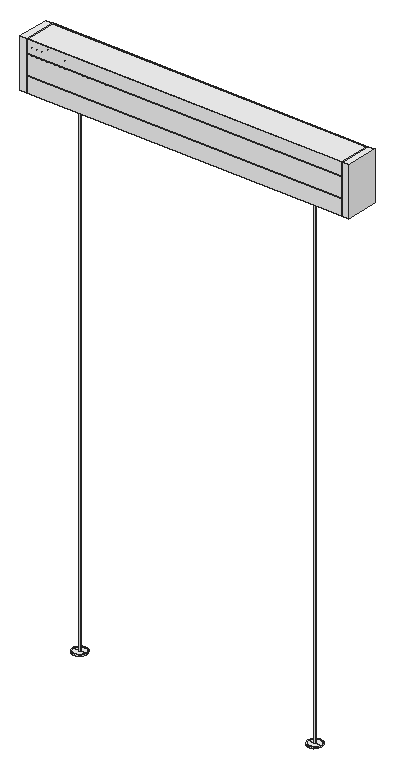
Revit family "2.3 inch  MAGIC WALL WASH LINEAR LIGHT", category Lighting Fixtures, host Face, Revit 2020 (continued)
Types (17): name | Wattage Comments | Wattage | Wall Mount | Suspenders Distance | Surface Mount | Recessed Mount | Photometric Web File | Pendent Mount | Order number | built-in parameter 1150142 | Model | built-in parameter 1150105 | Lumens | Light Source Height | Light Source Distance | built-in parameter 1150106 | Fixture Length
    01.76  1905.95  1910.07  1913.86  1917.65  1921.44  1924.06  1926.62  1929.13  1932.27  \r\n 1935.56  1938.86  1941.55  1943.89  1946.19  1948.63  1951.24  1953.85  1956.12  1955.43  \r\n 1952.22  1949.05  1947.24  1945.34  1943.36  1940.06  1936.41  1932.78  1929.08  1925.28  \r\n 1921.41  1917.40  1913.05  1908.66  1904.23  1899.83  1895.44  1891.05  1886.32  1881.26  \r\n 1876.18  1871.07  1865.95  1860.82  1855.66  1849.89  1843.82  1837.69  1831.48  1825.26  \r\n 1819.05  1812.86  1806.32  1799.61  1792.84  1779.56  1765.00  1749.91  1734.28  1718.11  \r\n 1701.39  1684.09  1666.20  1647.87  1629.03  1609.67  1589.77  1568.31  1546.42  1524.09  \r\n 1501.31  1477.99  1454.22  1430.00  1405.25  1379.68  1353.79  1327.57  1301.00  1273.78  \r\n 1246.35  1218.71  1190.85  1162.74  1134.51  1106.17  1081.65  1057.88  1034.47  1011.27  \r\n 988.28   965.51   942.70   920.11   897.75   875.61   853.75   832.35   811.17   790.21   \r\n 769.47   748.94   728.63   708.56   688.73   669.13   649.77   630.54   611.47   592.60   \r\n 573.91   555.41   537.09   521.70   507.49   493.34   479.25   465.23   451.27   437.38   \r\n 423.58   409.84   396.16   382.52   368.94   355.41   341.92   328.47   315.02   301.63   \r\n 288.28   274.98   261.72   248.51   235.33   222.20   209.10   197.07   189.18   181.31   \r\n 173.48   165.66   157.86   150.09   142.33   134.59   126.87   119.17   111.48   103.80   \r\n 96.14    88.48    80.84    73.21    65.58    57.96    50.34    42.73    35.12    27.51    \r\n 19.90    19.25    18.61    17.96    17.31    16.67    16.02    15.37    14.72    14.08    \r\n 13.43    12.78    12.14    11.49    10.85    10.21    9.57     8.93     8.30     7.66     \r\n 7.03     6.40     5.78     5.16     5.11     5.21     5.31     5.40     5.50     5.59     \r\n 5.68     5.78     5.87     5.96     6.04     6.13     6.22     6.30     6.39     6.47     \r\n 6.55     6.63     6.71     6.78     6.86     6.93     7.00     7.07     7.12     7.10     \r\n 7.07     7.05     7.03     7.01     6.98     6.96     6.93     6.91     6.88     6.85     \r\n 6.82     6.79     6.76     6.73     6.70     6.66     6.63     6.59     6.56     6.52     \r\n 6.49     6.46     6.43     6.40     6.37     6.34     6.24     6.14     6.05     5.96     \r\n 5.88     5.79     5.71     5.63     5.55     5.47     5.39     5.31     5.23     5.15     \r\n 5.08     4.99     4.90     4.82     4.73     4.65     4.58     4.50     4.43     4.36     \r\n 4.29     4.23     4.16     4.09     4.02     3.95     3.89     3.85     3.80     3.75     \r\n 3.70     3.65     3.61     3.57     3.54     3.50     3.47     3.45     3.43     3.41     \r\n 3.39     3.37     3.35     3.33     3.31     3.30     3.28     3.27     3.26     3.24     \r\n 3.23     3.23     3.22     3.21     3.21     3.21     3.20     3.20     3.21     3.21     \r\n 3.21     3.22     3.23     3.25     3.27     3.29     3.32     3.35     3.37     3.40     \r\n 3.42     3.45     3.47     3.50     3.52     3.55     3.57     3.59     3.62     3.64     \r\n 3.67     3.69     3.72     3.74     3.77     3.79     3.82     3.84     3.87     3.90     \r\n 3.93     3.96     3.98     4.00     4.02     4.06     4.09     4.13     4.17     4.22     \r\n 4.26     \r\n1793.11  1801.14  1809.14  1816.98  1824.16  1831.34  1838.32  1844.92  1851.52  1857.85  \r\n 1863.93  1870.01  1875.76  1881.37  1886.99  1892.46  1897.88  1903.29  1908.37  1913.44  \r\n 1918.41  1923.00  1927.58  1931.82  1935.20  1938.53  1942.13  1946.13  1950.16  1953.66  \r\n 1956.73  1959.78  1963.01  1966.33  1969.64  1971.86  1973.80  1975.71  1979.00  1982.51  \r\n 1986.06  1987.65  1987.04  1984.22  1981.52  1978.75  1975.86  1972.43  1968.96  1965.44  \r\n 1961.79  1958.15  1954.42  1950.20  1945.95  1941.68  1937.37  1933.05  1928.60  1923.52  \r\n 1918.37  1913.11  1907.36  1901.62  1895.91  1890.05  1884.14  1878.18  1871.43  1864.54  \r\n 1857.59  1850.52  1843.41  1836.27  1829.05  1821.76  1814.48  1806.51  1797.36  1783.12  \r\n 1764.16  1744.66  1724.65  1704.12  1681.79  1658.73  1635.29  1610.86  1585.31  1559.50  \r\n 1533.42  1505.99  1478.41  1450.69  1422.43  1393.75  1365.07  1336.39  1306.11  1275.92  \r\n 1245.96  1216.27  1186.96  1157.92  1129.15  1100.54  1072.04  1043.75  1015.68  987.97   \r\n 963.30   941.27   919.51   897.98   876.69   855.66   834.89   814.49   794.54   774.82   \r\n 755.33   736.06   717.19   698.50   679.99   661.65   643.44   625.27   607.27   589.45   \r\n 571.80   554.30   536.92   519.71   502.66   485.77   470.19   456.19   442.27   428.47   \r\n 414.77   401.19   387.71   374.30   360.99   347.79   334.69   321.69   308.78   295.98   \r\n 283.26   270.64   258.10   245.64   233.27   220.96   208.73   196.57   184.48   174.50   \r\n 167.01   159.54   152.11   144.70   137.32   129.97   122.64   115.33   108.04   100.77   \r\n 93.52    86.28    79.06    71.85    64.65    57.46    50.28    43.10    35.92    28.75    \r\n 21.58    20.81    20.05    19.29    18.52    17.76    16.99    16.23    15.46    14.70    \r\n 13.93    13.17    12.41    11.65    10.89    10.13    9.38     8.63     7.88     7.13     \r\n 6.39     5.65     5.37     5.49     5.60     5.71     5.82     5.93     6.04     6.15     \r\n 6.26     6.36     6.47     6.58     6.69     6.79     6.90     7.00     7.09     7.19     \r\n 7.28     7.37     7.46     7.55     7.63     7.67     7.66     7.65     7.64     7.62     \r\n 7.61     7.59     7.57     7.55     7.53     7.51     7.49     7.46     7.44     7.41     \r\n 7.38     7.36     7.33     7.30     7.27     7.23     7.20     7.16     7.12     7.09     \r\n 7.05     6.96     6.83     6.69     6.55     6.42     6.29     6.16     6.04     5.92     \r\n 5.80     5.68     5.57     5.46     5.36     5.26     5.16     5.07     4.98     4.90     \r\n 4.82     4.74     4.67     4.60     4.53     4.46     4.40     4.34     4.27     4.22     \r\n 4.16     4.08     4.00     3.93     3.87     3.81     3.76     3.71     3.66     3.62     \r\n 3.57     3.52     3.47     3.42     3.38     3.34     3.31     3.27     3.23     3.20     \r\n 3.17     3.15     3.13     3.11     3.10     3.09     3.08     3.07     3.06     3.05     \r\n 3.05     3.04     3.04     3.04     3.03     3.03     3.04     3.04     3.04     3.06     \r\n 3.08     3.11     3.13     3.16     3.18     3.20     3.23     3.25     3.28     3.31     \r\n 3.34     3.37     3.40     3.42     3.45     3.47     3.50     3.53     3.56     3.58     \r\n 3.61     3.64     3.67     3.70     3.72     3.75     3.77     3.80     3.83     3.86     \r\n 3.90     3.93     3.96     3.98     4.00     4.04     4.08     4.12     4.17     4.21     \r\n 4.26     \r\n1793.11  1802.18  1811.22  1819.90  1828.06  1836.21  1843.88  1851.41  1858.84  1865.80  \r\n 1872.75  1879.41  1885.84  1892.29  1898.58  1904.84  1910.98  1916.88  1922.76  1928.27  \r\n 1933.61  1938.88  1943.02  1947.11  1951.45  1956.15  1960.86  1964.85  1968.63  1972.42  \r\n 1976.41  1980.40  1983.68  1986.23  1988.76  1992.49  1996.50  2000.21  2002.36  2004.48  \r\n 2006.61  2008.81  2011.02  2012.74  2014.33  2015.86  2014.03  2011.15  2008.07  2004.70  \r\n 2001.30  1997.85  1994.37  1990.86  1986.80  1982.65  1978.22  1972.97  1967.75  1962.64  \r\n 1957.63  1952.56  1946.91  1940.93  1934.88  1928.46  1921.96  1915.43  1908.61  1901.79  \r\n 1894.68  1886.23  1877.71  1869.09  1860.35  1851.55  1841.93  1831.09  1820.09  1807.95  \r\n 1794.53  1780.92  1766.10  1750.03  1732.24  1704.50  1675.70  1646.89  1616.24  1583.61  \r\n 1551.23  1519.02  1486.96  1455.21  1423.81  1392.85  1362.14  1331.64  1300.97  1270.62  \r\n 1240.59  1210.71  1181.12  1151.88  1123.01  1094.59  1066.59  1039.03  1012.09  985.70   \r\n 959.85   934.54   909.64   885.14   861.03   838.89   818.91   799.14   779.63   760.47   \r\n 741.48   722.67   704.01   685.47   667.10   648.90   630.87   613.01   595.32   577.81   \r\n 560.47   543.40   526.49   509.73   493.12   476.62   460.23   443.99   427.89   411.93   \r\n 398.06   385.11   372.30   359.62   347.07   334.64   322.37   310.24   298.22   286.33   \r\n 274.54   262.87   251.31   239.91   228.61   217.42   206.34   195.34   184.44   173.63   \r\n 162.89   154.34   147.50   140.66   133.83   127.00   120.17   113.34   106.51   99.68    \r\n 92.85    86.03    79.20    72.37    65.54    58.71    51.88    45.05    38.21    31.37    \r\n 24.53    23.57    22.60    21.63    20.66    19.70    18.73    17.76    16.79    15.83    \r\n 14.86    13.91    12.95    12.00    11.06    10.12    9.19     8.26     7.35     6.44     \r\n 6.00     6.12     6.24     6.35     6.47     6.58     6.69     6.81     6.92     7.03     \r\n 7.13     7.24     7.34     7.45     7.55     7.65     7.74     7.82     7.90     7.98     \r\n 8.06     8.12     8.14     8.15     8.15     8.16     8.16     8.16     8.16     8.16     \r\n 8.16     8.15     8.15     8.13     8.12     8.11     8.09     8.07     8.04     8.02     \r\n 7.99     7.97     7.94     7.90     7.87     7.83     7.73     7.57     7.41     7.26     \r\n 7.10     6.95     6.79     6.64     6.50     6.36     6.23     6.09     5.96     5.82     \r\n 5.69     5.57     5.44     5.32     5.20     5.08     4.96     4.85     4.75     4.64     \r\n 4.54     4.45     4.35     4.27     4.19     4.11     4.04     3.98     3.93     3.89     \r\n 3.84     3.80     3.76     3.72     3.68     3.64     3.60     3.56     3.51     3.44     \r\n 3.39     3.34     3.29     3.24     3.20     3.16     3.12     3.08     3.03     3.00     \r\n 2.97     2.94     2.92     2.90     2.87     2.86     2.85     2.83     2.83     2.82     \r\n 2.82     2.82     2.83     2.83     2.84     2.85     2.88     2.90     2.93     2.96     \r\n 2.98     3.01     3.04     3.06     3.09     3.12     3.15     3.17     3.20     3.23     \r\n 3.26     3.29     3.32     3.35     3.39     3.41     3.44     3.47     3.50     3.53     \r\n 3.56     3.59     3.62     3.65     3.68     3.71     3.74     3.77     3.80     3.83     \r\n 3.86     3.90     3.94     3.97     3.99     4.02     4.06     4.11     4.16     4.21     \r\n 4.26     \r\n1793.11  1803.15  1813.16  1822.64  1831.70  1840.69  1849.09  1857.50  1865.48  1873.26  \r\n 1880.91  1888.10  1895.32  1902.41  1909.47  1916.39  1923.07  1929.73  1935.85  1941.90  \r\n 1947.45  1952.30  1957.10  1962.43  1967.79  1972.69  1977.15  1981.60  1986.24  1990.87  \r\n 1994.62  1997.76  2001.04  2005.47  2009.96  2013.32  2016.02  2018.68  2021.27  2023.90  \r\n 2026.20  2028.33  2030.37  2032.13  2033.87  2035.24  2036.43  2037.59  2038.66  2039.71  \r\n 2040.49  2037.68  2034.34  2029.62  2024.92  2020.58  2016.46  2012.28  2007.28  2002.21  \r\n 1996.77  1990.95  1985.10  1978.84  1972.53  1965.84  1958.16  1950.40  1942.48  1934.45  \r\n 1926.26  1916.62  1906.82  1895.98  1883.78  1871.38  1857.66  1843.31  1828.46  1811.39  \r\n 1793.96  1774.72  1752.63  1729.90  1706.23  1681.76  1656.66  1631.40  1605.60  1579.05  \r\n 1550.88  1519.42  1486.36  1453.32  1420.64  1388.04  1355.50  1323.42  1291.34  1259.44  \r\n 1228.13  1198.24  1169.34  1140.87  1113.20  1086.12  1059.40  1033.45  1008.14  983.12   \r\n 958.34   933.78   909.54   885.61   861.99   838.68   815.67   793.29   771.24   749.53   \r\n 728.02   708.43   689.83   671.39   653.02   634.85   616.89   599.12   581.55   564.20   \r\n 547.07   530.11   513.36   496.84   480.53   464.53   448.74   433.12   417.69   402.48   \r\n 387.53   372.81   358.31   344.02   331.66   320.43   309.39   298.54   287.87   277.44   \r\n 267.20   257.12   247.19   237.41   227.76   218.39   209.14   199.96   190.84   181.78   \r\n 172.77   163.82   154.91   146.89   139.85   132.80   125.76   118.73   111.70   104.67   \r\n 97.64    90.62    83.59    76.57    69.54    62.52    55.50    48.47    41.44    34.41    \r\n 27.38    26.14    24.91    23.67    22.43    21.19    19.96    18.72    17.49    16.27    \r\n 15.05    13.83    12.63    11.43    10.24    9.06     7.89     6.73     6.26     6.39     \r\n 6.53     6.66     6.80     6.93     7.06     7.19     7.33     7.46     7.59     7.72     \r\n 7.85     7.97     8.09     8.21     8.32     8.42     8.53     8.60     8.64     8.67     \r\n 8.71     8.74     8.76     8.79     8.81     8.82     8.84     8.85     8.86     8.87     \r\n 8.87     8.87     8.86     8.85     8.83     8.82     8.80     8.79     8.76     8.73     \r\n 8.65     8.46     8.28     8.10     7.92     7.74     7.56     7.39     7.22     7.05     \r\n 6.89     6.73     6.57     6.42     6.27     6.12     5.97     5.83     5.69     5.55     \r\n 5.41     5.27     5.13     5.00     4.88     4.76     4.65     4.53     4.42     4.31     \r\n 4.22     4.14     4.06     3.99     3.91     3.84     3.77     3.70     3.64     3.58     \r\n 3.52     3.48     3.43     3.39     3.36     3.33     3.29     3.26     3.23     3.19     \r\n 3.16     3.13     3.09     3.05     3.00     2.95     2.91     2.87     2.83     2.80     \r\n 2.76     2.73     2.69     2.66     2.64     2.63     2.61     2.60     2.60     2.59     \r\n 2.59     2.62     2.64     2.67     2.71     2.74     2.78     2.81     2.84     2.87     \r\n 2.90     2.93     2.95     2.98     3.01     3.04     3.07     3.10     3.13     3.16     \r\n 3.19     3.22     3.25     3.28     3.32     3.36     3.39     3.42     3.45     3.48     \r\n 3.51     3.55     3.58     3.61     3.64     3.68     3.71     3.74     3.77     3.80     \r\n 3.84     3.88     3.92     3.96     3.98     4.00     4.05     4.10     4.15     4.20     \r\n 4.26     \r\n1793.11  1804.04  1814.95  1825.16  1835.07  1844.71  1853.93  1863.09  1871.64  1880.19  \r\n 1888.25  1896.17  1904.04  1911.83  1919.57  1926.97  1934.37  1941.20  1947.92  1954.05  \r\n 1959.58  1965.16  1971.11  1977.08  1982.30  1987.40  1992.56  1997.79  2002.69  2006.40  \r\n 2010.08  2014.80  2019.70  2023.70  2026.95  2030.12  2033.10  2036.11  2038.80  2041.43  \r\n 2043.88  2046.16  2048.31  2050.00  2051.68  2053.24  2054.76  2055.96  2056.83  2057.57  \r\n 2057.00  2056.40  2056.27  2056.35  2056.19  2055.57  2054.92  2051.14  2046.01  2040.51  \r\n 2034.75  2028.81  2021.99  2015.10  2007.97  2000.74  1993.10  1984.69  1976.12  1965.56  \r\n 1954.64  1943.13  1930.92  1918.36  1903.61  1888.48  1871.73  1853.36  1834.31  1814.09  \r\n 1793.23  1771.87  1749.99  1727.44  1702.78  1677.55  1651.41  1624.40  1596.81  1567.74  \r\n 1538.04  1507.24  1475.01  1442.12  1410.11  1378.03  1345.66  1313.82  1281.50  1251.77  \r\n 1223.59  1195.70  1167.91  1140.38  1113.19  1086.42  1059.97  1033.85  1008.12  982.74   \r\n 957.61   932.73   908.21   884.16   860.48   837.12   813.92   791.00   768.43   746.04   \r\n 723.97   702.27   681.31   660.85   640.77   620.79   600.95   581.60   564.05   547.10   \r\n 530.39   513.92   497.48   481.33   465.47   450.16   435.45   421.08   407.06   393.65   \r\n 380.69   368.12   355.92   344.19   332.81   321.76   311.04   300.54   290.43   281.02   \r\n 271.66   262.35   252.88   243.46   234.12   224.86   215.67   206.55   197.50   188.51   \r\n 179.59   170.73   161.93   153.18   144.50   136.28   129.16   122.05   114.96   107.87   \r\n 100.80   93.74    86.69    79.65    72.61    65.57    58.54    51.50    44.47    37.44    \r\n 30.40    28.80    27.19    25.58    23.97    22.36    20.76    19.16    17.56    15.98    \r\n 14.41    12.84    11.29    9.75     8.23     6.72     6.44     6.58     6.72     6.86     \r\n 7.00     7.14     7.28     7.42     7.56     7.70     7.84     7.98     8.12     8.25     \r\n 8.39     8.53     8.67     8.78     8.87     8.95     9.03     9.10     9.17     9.24     \r\n 9.30     9.36     9.41     9.46     9.51     9.55     9.59     9.61     9.63     9.64     \r\n 9.64     9.65     9.65     9.65     9.48     9.28     9.08     8.88     8.68     8.48     \r\n 8.29     8.09     7.90     7.71     7.52     7.33     7.16     6.99     6.81     6.63     \r\n 6.45     6.28     6.11     5.95     5.79     5.64     5.49     5.34     5.20     5.06     \r\n 4.93     4.79     4.67     4.57     4.47     4.38     4.29     4.20     4.10     4.01     \r\n 3.93     3.86     3.79     3.71     3.64     3.58     3.51     3.45     3.38     3.32     \r\n 3.25     3.18     3.10     3.05     3.00     2.95     2.92     2.89     2.87     2.85     \r\n 2.83     2.81     2.79     2.76     2.74     2.71     2
